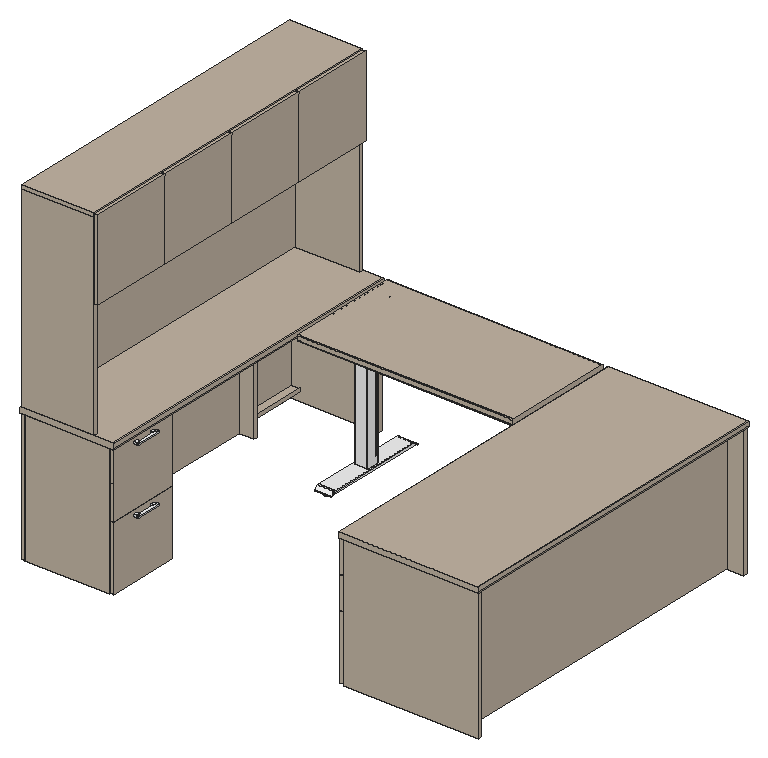
Revit family "JSI-Vision-Typical_Laminate-VST018", category Furniture, Revit 2020 (continued)
Definition of nested family "JSI-Vision-Adjustable_Table_Height_Bridge-Standard_Range"
  Nested families (in)
    nested 1: "Adj Base Bridge Desk" at (0, -12, 0), W Top <- "Width", Height <- "Height", Adj Post Finish <- "Adj Post Finish", Feet Finish <- "Feet Finish", Glide Finish <- "Glide Finish", Low Leg Finish <- "Low Leg Finish", Support Finish <- "Support Finish", Upper Leg Finish <- "Upper Leg Finish", type "Adj Base Bridge Desk"
      with W Top 46", Upper Leg Finish none, Support Finish none, Low Leg Finish none, Height 29 3/16", Glide Finish none, Feet Finish none, Adj Post Finish none
  Definition of nested family "Adj Base Bridge Desk"
    Parameters (values of type "Adj Base Bridge Desk")
      W Top [instance] = 46"
      Upper Leg Finish [instance] = none
      Support Finish [instance] = none
      Low Leg Finish [instance] = none
      Height [instance] = 30"
      Glide Finish [instance] = none
      Feet Finish [instance] = none
      Default Elevation = 0"
      Adj Post Finish [instance] = none
    Reference planes (in)
      plane 1 "Center (Front/Back)": y = 0
      plane 2: z = 0
      plane 3 "Center (Left/Right)": x = 0
      plane 4: z = 30
      plane 5: x = 46
      plane 6: z = 28.8125
      plane 7: x = 5.09647
      plane 8: x = 40.90353
    Forms (in)
      Extrusion 1, solid, material <- "Support Finish"
        sketch origin (1.67343, 0, 0) x (-1, 0, 0) y (0, 0, 1)
          loop
            line (-1.26389, 26.65894) -> (-1.26389, 28.50935) -> (-9.9253, 28.50935) -> (-9.9253, 28.23435) -> (-9.36321, 28.23435) -> (-8.86302, 26.65894) -> (-1.26389, 26.65894)
          loop
            line (-41.38925, 26.65894) -> (-33.79012, 26.65894) -> (-33.28993, 28.23435) -> (-32.72784, 28.23435) -> (-32.72784, 28.50935) -> (-41.38925, 28.50935) -> (-41.38925, 26.65894)
        from -1.89028 to 1.90897
      Extrusion 2, solid, material <- "Support Finish"
        sketch origin (8.68126, 0, 0) x (0, 1, 0) y (0, 0, 1)
          loop
            arc (2.60827, 27.31644) -> (2.67785, 27.34526) -> (2.70667, 27.41484) r 0.0984
            line (2.70667, 27.41484) -> (2.70667, 28.59931)
            arc (2.70667, 28.59931) -> (2.67882, 28.66654) -> (2.61158, 28.69439) r 0.09508
            line (2.61158, 28.69439) -> (2.01307, 28.69439)
            arc (2.01307, 28.69439) -> (1.94678, 28.66693) -> (1.91932, 28.60064) r 0.09375
            line (1.91932, 28.60064) -> (1.91932, 27.41484)
            arc (1.91932, 27.41484) -> (1.94814, 27.34526) -> (2.01772, 27.31644) r 0.0984
            line (2.01772, 27.31644) -> (2.60827, 27.31644)
          loop
            line (-2.60827, 27.31644) -> (-2.01772, 27.31644)
            arc (-2.01772, 27.31644) -> (-1.94814, 27.34526) -> (-1.91932, 27.41484) r 0.0984
            line (-1.91932, 27.41484) -> (-1.91932, 28.60064)
            arc (-1.91932, 28.60064) -> (-1.94678, 28.66693) -> (-2.01307, 28.69439) r 0.09375
            line (-2.01307, 28.69439) -> (-2.61158, 28.69439)
            arc (-2.61158, 28.69439) -> (-2.67882, 28.66654) -> (-2.70667, 28.59931) r 0.09508
            line (-2.70667, 28.59931) -> (-2.70667, 27.41484)
            arc (-2.70667, 27.41484) -> (-2.67785, 27.34526) -> (-2.60827, 27.31644) r 0.0984
        from -6.06315 to 14.07466
      Extrusion 3, solid, material <- "Support Finish"
        sketch origin (1.70596, 0, 0) x (0, 1, 0) y (0, 0, 1)
          loop
            arc (2.50984, 27.82825) -> (2.59335, 27.86284) -> (2.62794, 27.94635) r 0.1181
            line (2.62794, 27.94635) -> (2.62794, 28.49755)
            arc (2.62794, 28.49755) -> (2.59335, 28.58106) -> (2.50984, 28.61565) r 0.1181
            line (2.50984, 28.61565) -> (2.15551, 28.61565)
            arc (2.15551, 28.61565) -> (2.072, 28.58106) -> (2.03741, 28.49755) r 0.1181
            line (2.03741, 28.49755) -> (2.03741, 27.94635)
            arc (2.03741, 27.94635) -> (2.072, 27.86284) -> (2.15551, 27.82825) r 0.1181
            line (2.15551, 27.82825) -> (2.50984, 27.82825)
          loop
            arc (-2.15551, 27.82825) -> (-2.072, 27.86284) -> (-2.03741, 27.94635) r 0.1181
            line (-2.03741, 27.94635) -> (-2.03741, 28.49755)
            arc (-2.03741, 28.49755) -> (-2.072, 28.58106) -> (-2.15551, 28.61565) r 0.1181
            line (-2.15551, 28.61565) -> (-2.50984, 28.61565)
            arc (-2.50984, 28.61565) -> (-2.59335, 28.58106) -> (-2.62794, 28.49755) r 0.1181
            line (-2.62794, 28.49755) -> (-2.62794, 27.94635)
            arc (-2.62794, 27.94635) -> (-2.59335, 27.86284) -> (-2.50984, 27.82825) r 0.1181
            line (-2.50984, 27.82825) -> (-2.15551, 27.82825)
        from 3.18381 to 39.40428
      Extrusion 4, solid, material <- "Feet Finish"
        sketch origin (3.34686, 0, 0) x (0, 1, 0) y (0, 0, 1)
          loop
            line (10.52318, 1.16069) -> (-10.52318, 1.16069)
            arc (-10.52318, 1.16069) -> (-10.60868, 1.14561) -> (-10.68388, 1.1022) r 0.25
            line (-10.68388, 1.1022) -> (-11.48879, 0.4268) -> (-11.40022, 0.32124) -> (-10.59879, 0.99371)
            arc (-10.59879, 0.99371) -> (-10.56128, 1.01537) -> (-10.51862, 1.02289) r 0.12472
            line (-10.51862, 1.02289) -> (10.51852, 1.02289)
            arc (10.51852, 1.02289) -> (10.56128, 1.01536) -> (10.59887, 0.99365) r 0.125
            line (10.59887, 0.99365) -> (11.40022, 0.32124) -> (11.48879, 0.4268) -> (10.68388, 1.1022)
            arc (10.68388, 1.1022) -> (10.60869, 1.14561) -> (10.52318, 1.16069) r 0.25
        from -0.06142 to 3.56063
      Extrusion 5, solid, material <- "Feet Finish"
        sketch origin (3.34686, 0, 0) x (0, 1, 0) y (0, 0, 1)
          loop
            line (-11.14173, 0.39297) -> (11.14173, 0.39297) -> (11.14173, 0.53813) -> (10.59887, 0.99365)
            arc (10.59887, 0.99365) -> (10.56128, 1.01535) -> (10.51852, 1.02289) r 0.125
            line (10.51852, 1.02289) -> (-10.51862, 1.02289)
            arc (-10.51862, 1.02289) -> (-10.56128, 1.01537) -> (-10.59879, 0.99371) r 0.12472
            line (-10.59879, 0.99371) -> (-11.14173, 0.53813) -> (-11.14173, 0.39297)
        from 0.19449 to 3.30472
      Extrusion 6, solid, material <- "Feet Finish"
        sketch origin (16.23738, 0, 0) x (0, 1, 0) y (0, 0, 1)
          loop
            line (10.52318, 1.16069) -> (-10.52318, 1.16069)
            arc (-10.52318, 1.16069) -> (-10.60868, 1.14561) -> (-10.68387, 1.1022) r 0.25
            line (-10.68387, 1.1022) -> (-11.48879, 0.4268) -> (-11.40022, 0.32124) -> (-10.59879, 0.99372)
            arc (-10.59879, 0.99372) -> (-10.56128, 1.01537) -> (-10.51862, 1.02289) r 0.12472
            line (-10.51862, 1.02289) -> (10.51852, 1.02289)
            arc (10.51852, 1.02289) -> (10.56128, 1.01536) -> (10.59887, 0.99365) r 0.125
            line (10.59887, 0.99365) -> (11.40022, 0.32124) -> (11.48879, 0.4268) -> (10.68388, 1.1022)
            arc (10.68388, 1.1022) -> (10.60869, 1.14561) -> (10.52318, 1.16069) r 0.25
        from 22.85513 to 26.47717
      Extrusion 7, solid, material <- "Low Leg Finish"
        sketch origin (0, 0, 0) x (1, 0, 0) y (0, 1, 0)
          loop
            line (3.73819, 1.26995) -> (3.73819, -1.2505)
            arc (3.73819, -1.2505) -> (3.76702, -1.3201) -> (3.83661, -1.34893) r 0.09843
            line (3.83661, -1.34893) -> (6.35665, -1.34893)
            arc (6.35665, -1.34893) -> (6.426, -1.3202) -> (6.45472, -1.25086) r 0.09807
            line (6.45472, -1.25086) -> (6.45472, 1.26918)
            arc (6.45472, 1.26918) -> (6.42589, 1.33878) -> (6.3563, 1.36761) r 0.09843
            line (6.3563, 1.36761) -> (3.83585, 1.36761)
            arc (3.83585, 1.36761) -> (3.76679, 1.33901) -> (3.73819, 1.26995) r 0.09766
          loop
            arc (42.26182, 1.25984) -> (42.23299, 1.32944) -> (42.16339, 1.35827) r 0.09843
            line (42.16339, 1.35827) -> (39.64371, 1.35827)
            arc (39.64371, 1.35827) -> (39.57411, 1.32944) -> (39.54528, 1.25984) r 0.09843
            line (39.54528, 1.25984) -> (39.54528, -1.23588)
            arc (39.54528, -1.23588) -> (39.57839, -1.31582) -> (39.65833, -1.34893) r 0.11305
            line (39.65833, -1.34893) -> (42.16339, -1.34893)
            arc (42.16339, -1.34893) -> (42.23299, -1.3201) -> (42.26182, -1.2505) r 0.09843
            line (42.26182, -1.2505) -> (42.26182, 1.25984)
        from 1.16069 to 24.73029
      Extrusion 8, solid, material <- "Support Finish"
        sketch origin (0, 0, 0) x (1, 0, 0) y (0, 0, 1)
          loop
            line (2.5, 26.64715) -> (2.61811, 26.64715) -> (2.61811, 28.65745)
            arc (2.61811, 28.65745) -> (2.62893, 28.68357) -> (2.65505, 28.69439) r 0.03694
            line (2.65505, 28.69439) -> (4.0748, 28.69439) -> (4.0748, 28.8125) -> (2.65534, 28.8125)
            arc (2.65534, 28.8125) -> (2.5455, 28.767) -> (2.5, 28.65716) r 0.15534
            line (2.5, 28.65716) -> (2.5, 26.64715)
          loop
            line (43.50001, 26.64715) -> (43.50001, 28.65716)
            arc (43.50001, 28.65716) -> (43.45451, 28.767) -> (43.34467, 28.8125) r 0.15534
            line (43.34467, 28.8125) -> (41.9252, 28.8125) -> (41.9252, 28.69439) -> (43.33499, 28.69439)
            arc (43.33499, 28.69439) -> (43.36816, 28.68065) -> (43.3819, 28.64748) r 0.04691
            line (43.3819, 28.64748) -> (43.3819, 26.64715) -> (43.50001, 26.64715)
        from -10.14567 to 10.14567
      Extrusion 9, void
        sketch origin (0, 0, 0) x (0, 1, 0) y (0, 0, 1)
          loop
            line (-9.64567, 29.15728) -> (-10.14567, 29.15728) -> (-10.14567, 26.15728) -> (10.14567, 26.15728) -> (10.14567, 29.15728) -> (9.64567, 29.15728) -> (9.64567, 28.43724)
            arc (9.64567, 28.43724) -> (9.53149, 28.11921) -> (9.2411, 27.94643) r 0.5
            line (9.2411, 27.94643) -> (2.76152, 26.68651)
            arc (2.76152, 26.68651) -> (2.61903, 26.66585) -> (2.47521, 26.65894) r 1.5
            line (2.47521, 26.65894) -> (-2.47521, 26.65894)
            arc (-2.47521, 26.65894) -> (-2.61903, 26.66585) -> (-2.76152, 26.68651) r 1.5
            line (-2.76152, 26.68651) -> (-9.2411, 27.94643)
            arc (-9.2411, 27.94643) -> (-9.53149, 28.11921) -> (-9.64567, 28.43724) r 0.5
            line (-9.64567, 28.43724) -> (-9.64567, 29.15728)
        from 1.99619 to 44.00235
      Extrusion 10, solid, material <- "Support Finish"
        sketch origin (60.8427, 0, 0) x (0, 1, 0) y (0, 0, -1)
          loop
            line (-2.01772, -27.31644) -> (-2.61292, -27.31644)
            arc (-2.61292, -27.31644) -> (-2.67921, -27.3439) -> (-2.70667, -27.41019) r 0.09375
            line (-2.70667, -27.41019) -> (-2.70667, -28.60064)
            arc (-2.70667, -28.60064) -> (-2.67921, -28.66693) -> (-2.61292, -28.69439) r 0.09375
            line (-2.61292, -28.69439) -> (-2.0144, -28.69439)
            arc (-2.0144, -28.69439) -> (-1.94717, -28.66654) -> (-1.91932, -28.59931) r 0.09508
            line (-1.91932, -28.59931) -> (-1.91932, -27.41484)
            arc (-1.91932, -27.41484) -> (-1.94814, -27.34526) -> (-2.01772, -27.31644) r 0.0984
          loop
            line (2.60827, -27.31644) -> (2.0132, -27.31644)
            arc (2.0132, -27.31644) -> (1.94682, -27.34394) -> (1.91932, -27.41032) r 0.09389
            line (1.91932, -27.41032) -> (1.91932, -28.59931)
            arc (1.91932, -28.59931) -> (1.94717, -28.66654) -> (2.0144, -28.69439) r 0.09508
            line (2.0144, -28.69439) -> (2.61292, -28.69439)
            arc (2.61292, -28.69439) -> (2.67921, -28.66693) -> (2.70667, -28.60064) r 0.09375
            line (2.70667, -28.60064) -> (2.70667, -27.41484)
            arc (2.70667, -27.41484) -> (2.67785, -27.34526) -> (2.60827, -27.31644) r 0.0984
        from 17.46081 to 37.59861
      Revolve 11, solid, material <- "Glide Finish"
        sketch origin (-1, -10.27559, 0) x (1, 0, 0) y (0, 0, 1)
          loop
            line (6.09647, 0.94489) -> (5.93882, 0.94489) -> (5.93882, 0.39297) -> (5.30863, 0.39297) -> (5.11222, 0.19657) -> (5.11222, 0) -> (6.09647, 0) -> (6.09647, 0.94489)
          axis (6.09647, 0.94489) -> (6.09647, 0)
        angle from 0 to 360
      Revolve 12, solid, material <- "Glide Finish"
        sketch origin (-1, 10.27547, 0) x (1, 0, 0) y (0, 0, 1)
          loop
            line (6.09647, 0.94489) -> (5.93882, 0.94489) -> (5.93882, 0.39297) -> (5.30863, 0.39297) -> (5.11222, 0.19657) -> (5.11222, 0) -> (6.09647, 0) -> (6.09647, 0.94489)
          axis (6.09647, 0.94489) -> (6.09647, 0)
        angle from 0 to 360
      Revolve 13, solid, material <- "Glide Finish"
        sketch origin (63.69757, -10.27559, 0) x (1, 0, 0) y (0, 0, 1)
          loop
            line (-22.79404, 0.94489) -> (-22.95169, 0.94489) -> (-22.95169, 0.39297) -> (-23.58189, 0.39297) -> (-23.77829, 0.19657) -> (-23.77829, 0) -> (-22.79404, 0) -> (-22.79404, 0.94489)
          axis (-22.79404, 0.94489) -> (-22.79404, 0)
        angle from 0 to 360
      Revolve 14, solid, material <- "Glide Finish"
        sketch origin (63.69757, 10.27547, 0) x (1, 0, 0) y (0, 0, 1)
          loop
            line (-22.79404, 0.94489) -> (-22.95169, 0.94489) -> (-22.95169, 0.39297) -> (-23.58189, 0.39297) -> (-23.77829, 0.19657) -> (-23.77829, 0) -> (-22.79404, 0) -> (-22.79404, 0.94489)
          axis (-22.79404, 0.94489) -> (-22.79404, 0)
        angle from 0 to 360
      Extrusion 15, solid, material <- "Feet Finish"
        sketch origin (67.04443, 0, 0) x (0, 1, 0) y (0, 0, 1)
          loop
            line (-11.14173, 0.39297) -> (11.14173, 0.39297) -> (11.14173, 0.53813) -> (10.59887, 0.99365)
            arc (10.59887, 0.99365) -> (10.56128, 1.01535) -> (10.51852, 1.02289) r 0.125
            line (10.51852, 1.02289) -> (-10.51862, 1.02289)
            arc (-10.51862, 1.02289) -> (-10.56128, 1.01537) -> (-10.59879, 0.99371) r 0.12472
            line (-10.59879, 0.99371) -> (-11.14173, 0.53813) -> (-11.14173, 0.39297)
        from -27.69602 to -24.58578
      Extrusion 16, solid
        sketch origin (0, 0, 0) x (1, 0, 0) y (0, 1, 0)
          loop
            line (3.92519, 1.08218) -> (3.92519, -1.06349)
            arc (3.92519, -1.06349) -> (3.95402, -1.13309) -> (4.02362, -1.16192) r 0.09843
            line (4.02362, -1.16192) -> (6.16929, -1.16192)
            arc (6.16929, -1.16192) -> (6.23889, -1.13309) -> (6.26771, -1.06349) r 0.09843
            line (6.26771, -1.06349) -> (6.26771, 1.08218)
            arc (6.26771, 1.08218) -> (6.23889, 1.15177) -> (6.16929, 1.1806) r 0.09843
            line (6.16929, 1.1806) -> (4.02362, 1.1806)
            arc (4.02362, 1.1806) -> (3.95402, 1.15177) -> (3.92519, 1.08218) r 0.09843
          loop
            line (39.73229, 1.08218) -> (39.73229, -1.06349)
            arc (39.73229, -1.06349) -> (39.76112, -1.13309) -> (39.83071, -1.16192) r 0.09843
            line (39.83071, -1.16192) -> (41.96061, -1.16192)
            arc (41.96061, -1.16192) -> (42.04136, -1.12847) -> (42.07481, -1.04772) r 0.1142
            line (42.07481, -1.04772) -> (42.07481, 1.08218)
            arc (42.07481, 1.08218) -> (42.04598, 1.15177) -> (41.97638, 1.1806) r 0.09843
            line (41.97638, 1.1806) -> (39.83071, 1.1806)
            arc (39.83071, 1.1806) -> (39.76112, 1.15177) -> (39.73229, 1.08218) r 0.09843
        from 26.65894 to 3.2731
    Cuts and joins
      Extrusion 9 cuts Extrusion 8
    Lines and regions (in)
      symbolic lines
        curve 1: line (6.9075, 11.48879, 0) -> (3.28545, 11.48879, 0)
        curve 2: line (6.9075, -11.48879, 0) -> (6.9075, 11.48879, 0)
        curve 3: line (3.28545, -11.48879, 0) -> (6.9075, -11.48879, 0)
        curve 4: line (3.28545, 11.48879, 0) -> (3.28545, 9.64567, 0)
        curve 5: line (42.71456, 11.48879, 0) -> (39.09251, 11.48879, 0)
        curve 6: line (42.71456, 9.64567, 0) -> (42.71456, 11.48879, 0)
        curve 7: line (39.09251, -11.48879, 0) -> (42.81987, -11.48879, 0)
        curve 8: line (39.09251, 11.48879, 0) -> (39.09251, -11.48879, 0)
        curve 9: line (2.5, 9.64567, 0) -> (4.0748, 9.64567, 0)
        curve 10: line (2.5, -9.64567, 0) -> (2.5, 9.64567, 0)
        curve 11: line (4.0748, -9.64567, 0) -> (2.5, -9.64567, 0)
        curve 12: line (4.0748, 9.64567, 0) -> (4.0748, -9.64567, 0)
        curve 13: line (43.50001, 9.64567, 0) -> (41.9252, 9.64567, 0)
        curve 14: line (43.50001, -9.64567, 0) -> (43.50001, 9.64567, 0)
        curve 15: line (41.9252, -9.64567, 0) -> (43.50001, -9.64567, 0)
        curve 16: line (41.9252, 9.64567, 0) -> (41.9252, -9.64567, 0)
        curve 17: line (41.9252, 2.70667, 0) -> (23.24409, 2.70667, 0)
        curve 18: line (23.24409, 2.70667, 0) -> (23.24409, 1.91932, 0)
        curve 19: line (23.24409, 1.91932, 0) -> (41.9252, 1.91932, 0)
        curve 20: line (41.9252, -1.92113, 0) -> (23.24409, -1.91932, 0)
        curve 21: line (23.24409, -1.91932, 0) -> (23.24409, -2.70667, 0)
        curve 22: line (23.24409, -2.70667, 0) -> (41.9252, -2.70667, 0)
        curve 23: line (22.75592, 2.70667, 0) -> (22.75592, 1.91932, 0)
        curve 24: line (22.75592, 1.91932, 0) -> (4.0748, 1.91932, 0)
        curve 25: line (22.75592, 2.70667, 0) -> (4.0748, 2.70667, 0)
        curve 26: line (22.75592, -1.91932, 0) -> (4.0748, -1.91932, 0)
        curve 27: line (22.75592, -2.70667, 0) -> (4.0748, -2.70667, 0)
        curve 28: line (22.75592, -1.91932, 0) -> (22.75592, -2.70667, 0)
        curve 29: line (3.28545, -11.48879, 0) -> (3.28545, -9.64567, 0)
        curve 30: line (42.81987, -11.48879, 0) -> (42.81987, -9.64567, 0)
        curve 31: line (22.75592, 2.62798, 0) -> (23.24409, 2.62798, 0)
        curve 32: line (22.75592, 2.03782, 0) -> (23.24409, 2.03782, 0)
        curve 33: line (22.75592, -2.03689, 0) -> (23.24409, -2.03689, 0)
        curve 34: line (22.75592, -2.6279, 0) -> (23.24409, -2.6279, 0)
    Dimensions and locks (in)
      "Height": plane 2 to plane 4
      Extrusion 1 sketch curve to Extrusion 1 sketch curve to Extrusion 1 sketch curve to plane 4 = 1.57541" locked, 0.275", 1.49065"
      Extrusion 4 sketch curve to Extrusion 4 sketch curve to Extrusion 4 sketch curve to Extrusion 4 sketch curve to plane 1 "Center (Front/Back)" to Extrusion 4 sketch curve to Extrusion 4 sketch curve to Extrusion 4 sketch curve to Extrusion 4 sketch curve = 0.08857" locked, 0.87704" locked, 0.00456" locked, 10.51862" locked, 10.51852" locked, 0.00466" locked, 0.87704" locked, 0.08857" locked
      plane 2 to Extrusion 4 sketch curve to Extrusion 4 sketch curve to Extrusion 4 sketch curve to Extrusion 4 sketch curve to Extrusion 4 sketch curve to Extrusion 4 sketch curve = 0.32124" locked, 0.10556" locked, 0.4711" locked, 0.0128" locked, 0.1122" locked, 0.1378" locked
      plane 2 to Extrusion 5 sketch curve to Extrusion 5 sketch curve = 0.39297" locked, 0.62992" locked
      Extrusion 5 sketch curve to plane 1 "Center (Front/Back)" to Extrusion 5 sketch curve = 11.14173" locked, 11.14173" locked
      Extrusion 6 sketch curve to Extrusion 6 sketch curve to Extrusion 6 sketch curve to Extrusion 6 sketch curve to Extrusion 6 sketch curve to Extrusion 6 sketch curve to Extrusion 6 sketch curve to Extrusion 6 sketch curve = 0.08857" locked, 0.87704" locked, 0.00456" locked, 21.03715", 0.00466" locked, 0.87704" locked, 0.08857" locked
      Extrusion 6 sketch curve to Extrusion 6 sketch curve to Extrusion 6 sketch curve to Extrusion 6 sketch curve to Extrusion 6 sketch curve to Extrusion 6 sketch curve = 0.10556" locked, 0.4711" locked, 0.0128" locked, 0.1122" locked, 0.1378" locked
      Extrusion 7 sketch curve to Extrusion 7 sketch curve to plane 1 "Center (Front/Back)" to Extrusion 7 sketch curve to Extrusion 7 sketch curve = 0.09843" locked, 1.2505", 1.25984" locked, 0.09843" locked
      Extrusion 7 sketch curve to Extrusion 7 sketch curve to Extrusion 7 sketch curve to Extrusion 7 sketch curve to plane 5 = 0.09843" locked, 2.51969" locked, 0.09843" locked, 3.73818" locked
      locked: Extrusion 7 to plane 2 at 24.73029
      Extrusion 1 sketch curve to Extrusion 1 sketch curve to Extrusion 1 sketch curve to plane 4 = 1.57541" locked, 0.275" locked, 1.49065" locked
      Extrusion 1 sketch curve to Extrusion 1 sketch curve to Extrusion 1 sketch curve to Extrusion 1 sketch curve to plane 3 "Center (Left/Right)" = 0.5621" locked, 0.50019" locked, 7.59913" locked, 2.93732" locked
      plane 5 to Extrusion 1 sketch curve to Extrusion 1 sketch curve to Extrusion 1 sketch curve = 2.93731" locked, 7.59913" locked, 1.06228" locked
      Extrusion 2 sketch curve to Extrusion 2 sketch curve to Extrusion 2 sketch curve to Extrusion 2 sketch curve to plane 1 "Center (Front/Back)" to Extrusion 2 sketch curve to Extrusion 2 sketch curve to Extrusion 2 sketch curve to Extrusion 2 sketch curve = 0.09508" locked, 0.59852" locked, 3/32" locked, 1.91932" locked, 1.91932" locked, 3/32" locked, 0.59852" locked, 0.09508" locked
      locked: plane 4 to plane 6 at 1.1875
      Extrusion 3 sketch curve to Extrusion 3 sketch curve to Extrusion 3 sketch curve to Extrusion 3 sketch curve to plane 1 "Center (Front/Back)" to Extrusion 3 sketch curve to Extrusion 3 sketch curve to Extrusion 3 sketch curve to Extrusion 3 sketch curve = 0.1181" locked, 0.35433" locked, 0.1181" locked, 2.03741" locked, 2.03741" locked, 0.1181" locked, 0.35433" locked, 0.1181" locked
      plane 6 to Extrusion 3 sketch curve to Extrusion 3 sketch curve to Extrusion 3 sketch curve to Extrusion 3 sketch curve = 0.19685" locked, 0.1181" locked, 0.5512" locked, 0.1181" locked
      Extrusion 8 sketch curve to Extrusion 8 sketch curve to Extrusion 8 sketch curve to Extrusion 8 sketch curve to plane 3 "Center (Left/Right)" = 1.41947" locked, 0.03723" locked, 0.11811" locked, 2 1/2" locked
      Extrusion 8 sketch curve to Extrusion 8 sketch curve to Extrusion 8 sketch curve to Extrusion 8 sketch curve to plane 5 = 1.41947" locked, 0.03723" locked, 0.11811" locked, 2 1/2"
      plane 6 to Extrusion 8 sketch curve to Extrusion 8 sketch curve to Extrusion 8 sketch curve = 0.11811" locked, 0.03723" locked, 2.01002" locked
      locked: plane 5 to Extrusion 9 at 1.99765
      locked: plane 3 "Center (Left/Right)" to Extrusion 9 at 1.99619
      Extrusion 9 sketch curve to plane 6 to Extrusion 9 sketch curve to Extrusion 9 sketch curve to Extrusion 9 sketch curve to Extrusion 9 sketch curve = 0.34478" locked, 0.37526" locked, 0.2783" locked, 1 1/2" locked, 0.50165" locked
      Extrusion 9 sketch curve to Extrusion 9 sketch curve to Extrusion 9 sketch curve to Extrusion 9 sketch curve to plane 1 "Center (Front/Back)" to Extrusion 9 sketch curve to Extrusion 9 sketch curve to Extrusion 9 sketch curve to Extrusion 9 sketch curve = 1/2" locked, 1/2" locked, 6.67046" locked, 2.47521" locked, 2.47521" locked, 6.67046" locked, 1/2" locked, 1/2" locked
      Extrusion 10 sketch curve to Extrusion 10 sketch curve to Extrusion 10 sketch curve to Extrusion 10 sketch curve to Extrusion 10 sketch curve to Extrusion 10 sketch curve to Extrusion 10 sketch curve to Extrusion 10 sketch curve = 3/32" locked, 0.59852" locked, 0.09508" locked, 3.83863" locked, 0.09508" locked, 0.59852" locked, 3/32" locked
      Extrusion 10 to Extrusion 3 to plane 5 = 17.86615" locked, 4.88976" locked
      Extrusion 2 to Extrusion 3 to plane 3 "Center (Left/Right)" = 17.86615" locked, 4.88977" locked
      Revolve 11 sketch curve to Revolve 11 sketch curve to Revolve 11 sketch curve to plane 7 = 0.1964" locked, 0.63019" locked, 0.15765" locked
      Revolve 12 sketch curve to Revolve 12 sketch curve to Revolve 12 sketch curve = 0.1964" locked, 0.63019" locked
      Revolve 12 to plane 1 "Center (Front/Back)" to Revolve 11 = 10.27547" locked, 10.27559" locked
      Revolve 13 sketch curve to Revolve 13 sketch curve to Revolve 13 sketch curve to plane 8 = 0.1964" locked, 0.63019" locked, 0.15765" locked
      Revolve 14 sketch curve to Revolve 14 sketch curve to Revolve 14 sketch curve = 0.1964" locked, 0.63019" locked
      Revolve 14 to Revolve 13 = 20.55106"
      Revolve 13 to plane 1 "Center (Front/Back)" to Revolve 14 = 10.27559" locked, 10.27547" locked
      locked: Extrusion 15 sketch curve to Extrusion 15 sketch curve at 0.62992
      Extrusion 15 sketch curve to plane 1 "Center (Front/Back)" to Extrusion 15 sketch curve = 11.14173" locked, 11.14173" locked
      "W Top": plane 3 "Center (Left/Right)" to plane 5
      plane 3 "Center (Left/Right)" to plane 7 = 5.09647"
      plane 8 to plane 5 = 5.09647"
      Extrusion 7 sketch curve to Extrusion 7 sketch curve to plane 1 "Center (Front/Back)" to Extrusion 7 sketch curve to Extrusion 7 sketch curve = 0.09843" locked, 1.2505" locked, 1.26995" locked, 25/256" locked
      plane 3 "Center (Left/Right)" to Extrusion 7 sketch curve to Extrusion 7 sketch curve to Extrusion 7 sketch curve to Extrusion 7 sketch curve = 3.73819" locked, 25/256" locked, 2.52045" locked, 0.09843" locked
      Extrusion 16 sketch curve to Extrusion 16 sketch curve to plane 1 "Center (Front/Back)" to Extrusion 16 sketch curve to Extrusion 16 sketch curve = 0.09843" locked, 1.06349" locked, 1.08218" locked, 0.09843" locked
      plane 3 "Center (Left/Right)" to Extrusion 16 sketch curve to Extrusion 16 sketch curve to Extrusion 16 sketch curve to Extrusion 16 sketch curve = 3.92519" locked, 0.09843" locked, 2.14567" locked, 0.09843" locked
      Extrusion 16 sketch curve to Extrusion 16 sketch curve to Extrusion 16 sketch curve to Extrusion 16 sketch curve to plane 5 = 0.09843" locked, 2.14567" locked, 0.09843" locked, 3.92519" locked
      plane 1 "Center (Front/Back)" to Extrusion 16 = 1.16192"
      Extrusion 16 to Extrusion 16 to plane 6 = 23.38583" locked, 2.15356" locked
      Extrusion 6 to Extrusion 15 to plane 8 to Extrusion 15 to Extrusion 6 to plane 5 = 0.25591" locked, 1.55512" locked, 1.55512" locked, 0.25591" locked, 3.28544" locked
      Extrusion 16 sketch curve to Extrusion 16 sketch curve to plane 1 "Center (Front/Back)" to Extrusion 16 sketch curve to Extrusion 16 sketch curve = 0.09843" locked, 1.08218" locked, 1.04772" locked, 0.1142" locked
      aligned and locked: plane 2 to level
      aligned and locked: Extrusion 7 to Extrusion 4
      aligned and locked: Extrusion 3 sketch curve to Extrusion 3 sketch curve  (x2)
      aligned and locked: Extrusion 8 sketch curve to plane 6
      aligned and locked: plane 6 to Extrusion 8 sketch curve
      aligned and locked: Extrusion 8 sketch curve to Extrusion 8 sketch curve  (x2)
      aligned and locked: Extrusion 9 sketch curve to Extrusion 9 sketch curve
      aligned and locked: plane 7 to Revolve 11 sketch curve
      aligned and locked: plane 8 to Revolve 13 sketch curve
      aligned and locked: curve 1 to Extrusion 4
      aligned and locked: curve 2 to Extrusion 4
      aligned and locked: Extrusion 4 to curve 3
      aligned and locked: curve 4 to Extrusion 4
      aligned and locked: curve 5 to Extrusion 6
      aligned and locked: Extrusion 6 to curve 6
      aligned and locked: curve 7 to Extrusion 6
      aligned and locked: curve 8 to Extrusion 6
      aligned and locked: curve 9 to cut or joined group of Extrusion 8, Extrusion 9
      aligned and locked: curve 10 to cut or joined group of Extrusion 8, Extrusion 9
      aligned and locked: cut or joined group of Extrusion 8, Extrusion 9 to curve 11
      aligned and locked: curve 12 to cut or joined group of Extrusion 8, Extrusion 9
      aligned and locked: curve 13 to cut or joined group of Extrusion 8, Extrusion 9
      aligned and locked: curve 14 to cut or joined group of Extrusion 8, Extrusion 9
      aligned and locked: curve 15 to cut or joined group of Extrusion 8, Extrusion 9
      aligned and locked: curve 16 to cut or joined group of Extrusion 8, Extrusion 9
      aligned and locked: Extrusion 2 to curve 31
      aligned and locked: Extrusion 2 to curve 32
      aligned and locked: Extrusion 10 to curve 31
      aligned and locked: Extrusion 10 to curve 32
      aligned and locked: Extrusion 2 to curve 33
      aligned and locked: Extrusion 2 to curve 34
      aligned and locked: Extrusion 10 to curve 33
      aligned and locked: Extrusion 10 to curve 34
      aligned and locked: Extrusion 16 to Extrusion 1
    Automatic sketch dimensions
      Extrusion 3 sketch curve to Extrusion 3 sketch curve = 0.1181"  (x3)
      level to Extrusion 4 sketch curve = 1.1022"  (x2)
      Extrusion 4 sketch curve to Extrusion 4 sketch curve = 0.1607"  (x2)
      level to Extrusion 4 sketch curve = 0.99371"
      Extrusion 4 sketch curve to Extrusion 4 sketch curve = 0.07561"
      Extrusion 4 sketch curve to Extrusion 4 sketch curve = 0.08017"
      level to Extrusion 4 sketch curve = 0.99365"
      Extrusion 4 sketch curve to Extrusion 4 sketch curve = 0.09554"
      Extrusion 4 sketch curve to Extrusion 4 sketch curve = 0.01252"
      level to Extrusion 6 sketch curve = 0.4268"
      plane 1 "Center (Front/Back)" to Extrusion 6 sketch curve = 11.48879"
      level to Extrusion 6 sketch curve = 1.1022"  (x2)
      Extrusion 6 sketch curve to Extrusion 6 sketch curve = 0.16069"  (x2)
      level to Extrusion 6 sketch curve = 0.99372"
      Extrusion 6 sketch curve to Extrusion 6 sketch curve = 0.08017"
      level to Extrusion 6 sketch curve = 0.99365"
      Extrusion 6 sketch curve to Extrusion 6 sketch curve = 0.08035"
      level to Extrusion 15 sketch curve = 0.89789"
      level to Extrusion 15 sketch curve = 0.99365"
      Extrusion 15 sketch curve to Extrusion 15 sketch curve = 0.08035"
      Extrusion 15 sketch curve to Extrusion 15 sketch curve = 0.62321"
      Extrusion 15 sketch curve to Extrusion 15 sketch curve = 0.54294"
      Extrusion 15 sketch curve to Extrusion 15 sketch curve = 0.08017"
      Extrusion 15 sketch curve to Extrusion 15 sketch curve = 0.14516"  (x2)
      Extrusion 15 sketch curve to Extrusion 15 sketch curve = 0.12472"
      Extrusion 1 sketch curve to Extrusion 1 sketch curve = 0.5621"
      Extrusion 2 sketch curve to Extrusion 2 sketch curve = 0.0984"  (x4)
      Extrusion 2 sketch curve to plane 6 = 1.49606"  (x2)
      Extrusion 2 sketch curve to plane 6 = 0.21319"  (x2)
      level to Extrusion 5 sketch curve = 0.99371"
      Extrusion 5 sketch curve to Extrusion 5 sketch curve = 0.54294"
      Extrusion 5 sketch curve to Extrusion 5 sketch curve = 0.08017"
      Extrusion 5 sketch curve to Extrusion 5 sketch curve = 0.62321"
      level to Extrusion 5 sketch curve = 0.99365"
      Extrusion 5 sketch curve to Extrusion 5 sketch curve = 0.08035"
      Extrusion 5 sketch curve to Extrusion 5 sketch curve = 0.14516"  (x2)
      Extrusion 9 sketch curve to plane 6 = 0.86607"  (x2)
      Extrusion 9 sketch curve to Extrusion 9 sketch curve = 0.09543"
      Extrusion 9 sketch curve to plane 6 = 2.12599"  (x2)
      Extrusion 9 sketch curve to Extrusion 9 sketch curve = 0.2863"
      plane 1 "Center (Front/Back)" to Extrusion 10 sketch curve = 2.70667"
      Extrusion 10 sketch curve to Extrusion 10 sketch curve = 3/32"
      Extrusion 10 sketch curve to Extrusion 10 sketch curve = 0.0984"  (x2)
      Extrusion 10 sketch curve to Extrusion 10 sketch curve = 0.09389"
      Extrusion 10 sketch curve to plane 6 = 0.11811"  (x2)
      Extrusion 10 sketch curve to Extrusion 10 sketch curve = 1.18447"
      Extrusion 10 sketch curve to Extrusion 10 sketch curve = 1.1858"
      plane 7 to Revolve 11 sketch curve = 0"
      Revolve 11 sketch curve to level = 0"
      level to Revolve 11 sketch curve = 0.19657"
      Revolve 11 sketch curve to Revolve 11 sketch curve = 0.1964"
      Revolve 11 sketch curve to Revolve 11 sketch curve = 0.55192"
      Revolve 11 sketch curve to Revolve 11 sketch curve = 0.16385"
      Revolve 11 sketch curve to Revolve 11 sketch curve = 0.05111"
      plane 7 to Revolve 12 sketch curve = 0"  (x2)
      plane 7 to Revolve 12 sketch curve = 0.15765"
      Revolve 12 sketch curve to level = 0"
      level to Revolve 12 sketch curve = 0.19657"
      Revolve 12 sketch curve to Revolve 12 sketch curve = 0.1964"
      Revolve 12 sketch curve to Revolve 12 sketch curve = 0.55192"
      Revolve 12 sketch curve to Revolve 12 sketch curve = 0.16385"
      Revolve 12 sketch curve to Revolve 12 sketch curve = 0.05111"
      Revolve 13 sketch curve to level = 0"
      plane 8 to Revolve 13 sketch curve = 0"
      level to Revolve 13 sketch curve = 0.19657"
      Revolve 13 sketch curve to Revolve 13 sketch curve = 0.1964"
      Revolve 13 sketch curve to Revolve 13 sketch curve = 0.55192"
      Revolve 13 sketch curve to Revolve 13 sketch curve = 0.16385"
      Revolve 13 sketch curve to Revolve 13 sketch curve = 0.05111"
      Revolve 14 sketch curve to level = 0"
      plane 8 to Revolve 14 sketch curve = 0"  (x2)
      plane 8 to Revolve 14 sketch curve = 0.15765"
      level to Revolve 14 sketch curve = 0.19657"
      Revolve 14 sketch curve to Revolve 14 sketch curve = 0.1964"
      Revolve 14 sketch curve to Revolve 14 sketch curve = 0.55192"
      Revolve 14 sketch curve to Revolve 14 sketch curve = 0.16385"
      Revolve 14 sketch curve to Revolve 14 sketch curve = 0.05111"
      plane 7 to curve 3 = 1.81102"
      plane 1 "Center (Front/Back)" to curve 28 = 1.91932"
      plane 1 "Center (Front/Back)" to curve 20 = 1.91932"
      curve 30 to plane 8 = 1.91634"
      curve 28 to curve 26 = 0.78735"
      curve 22 to curve 20 = 0.78735"
      curve 18 to plane 1 "Center (Front/Back)" = 1.91932"
      curve 23 to plane 1 "Center (Front/Back)" = 1.91932"
      curve 23 to curve 23 = 0.78735"
      curve 18 to curve 17 = 0.78735"
      plane 1 "Center (Front/Back)" to curve 34 = 2.6279"
      plane 1 "Center (Front/Back)" to curve 33 = 2.03689"
      curve 22 to curve 20 = 0.78554"
      curve 23 to curve 32 = 0.1185"
      curve 31 to curve 17 = 0.07868"
      Extrusion 8 sketch curve to Extrusion 8 sketch curve = 0.00029"
      Extrusion 8 sketch curve to Extrusion 8 sketch curve = 0.00968"
      Extrusion 16 sketch curve to Extrusion 16 sketch curve = 0.09843"  (x2)
      Extrusion 7 sketch curve to Extrusion 7 sketch curve = 0.09807"
      Extrusion 7 sketch curve to Extrusion 7 sketch curve = 0.11305"
